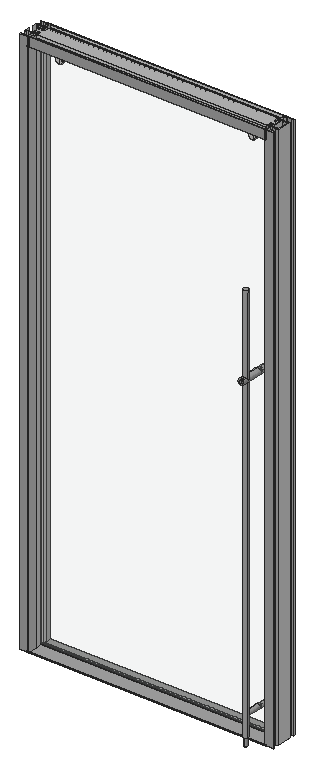
Revit family "Doors_Sliding_Avanti_Systems_Cloud-Eclipse-Sliding-Glass-Pocket-Doors_Solid-wall", category Doors, host Wall, Revit 2022 (continued)
Definition of nested family "Door Frame Left"
  Lines and regions (in)
    model lines, in view "Ref. Level"
      curve 42: arc (0.34212, 1.31851, 0) -> (0.21636, 1.30192, 0) -> (0.34204, 1.28468, 0) r 0.064
      curve 43: arc (0.19913, 1.20807, 0) -> (0.3162, 1.18305, 0) -> (0.39986, 1.26867, 0) r 0.124
      curve 44: arc (0.19913, 1.20807, 0) -> (0.18152, 1.21244, 0) -> (0.16762, 1.20079, 0) r 0.02
      curve 45: arc (0.40003, 1.33422, 0) -> (0.36005, 1.39676, 0) -> (0.2915, 1.42526, 0) r 0.124
      curve 46: arc (0.2749, 1.453, 0) -> (0.27614, 1.4349, 0) -> (0.2915, 1.42526, 0) r 0.02
      curve 47: arc (0.0016, 0.96375, 0) -> (0.0004, 0.95992, 0) -> (0, 0.95592, 0) r 0.02
      curve 48: arc (0.06, 0.56063, 0) -> (0.06413, 0.54846, 0) -> (0.07482, 0.54131, 0) r 0.02
      curve 49: arc (0.0616, 0.95152, 0) -> (0.0604, 0.94769, 0) -> (0.06, 0.94369, 0) r 0.02
      curve 50: arc (0.71754, -0.89988, 0) -> (0.7234, -0.91402, 0) -> (0.73754, -0.91988, 0) r 0.02
      curve 51: arc (1.73836, -1.86591, 0) -> (1.73422, -1.85373, 0) -> (1.72353, -1.84659, 0) r 0.02
      curve 52: arc (1.71836, -2, 0) -> (1.7325, -1.99414, 0) -> (1.73836, -1.98, 0) r 0.02
      curve 53: arc (0.65723, -1.92, 0) -> (0.66309, -1.93414, 0) -> (0.67723, -1.94, 0) r 0.02
      curve 54: arc (0.47686, -1.92783, 0) -> (0.48424, -1.93668, 0) -> (0.49527, -1.94, 0) r 0.02
      curve 55: arc (1.39529, -1.94, 0) -> (1.40747, -1.93587, 0) -> (1.41461, -1.92518, 0) r 0.02
      curve 56: arc (1.47427, -1.7798, 0) -> (1.4591, -1.7818, 0) -> (1.44978, -1.79394, 0) r 0.02
      curve 57: arc (1.44978, -1.12606, 0) -> (1.4591, -1.1382, 0) -> (1.47427, -1.1402, 0) r 0.02
      curve 58: arc (1.7216, -1.07393, 0) -> (1.73229, -1.06679, 0) -> (1.73642, -1.05461, 0) r 0.02
      curve 59: arc (1.44978, -1.12606, 0) -> (1.4591, -1.1382, 0) -> (1.47427, -1.1402, 0) r 0.02
      curve 60: arc (1.41989, -1.01452, 0) -> (1.40616, -0.99358, 0) -> (1.38266, -0.9849, 0) r 0.04
      curve 61: arc (1.38266, -0.9849, 0) -> (1.37459, -0.98629, 0) -> (1.36776, -0.9908, 0) r 0.02
      curve 62: arc (1.47502, -1.78, 0) -> (1.46253, -1.7807, 0) -> (1.45291, -1.78868, 0) r 0.02
      curve 63: arc (1.46422, -0.91988, 0) -> (1.49172, -0.94744, 0) -> (1.51921, -0.91988, 0) r 0.0275
      curve 64: arc (1.46422, -0.90826, 0) -> (1.46143, -0.89807, 0) -> (1.45384, -0.89073, 0) r 0.02
      curve 65: arc (0.57723, -1.94, 0) -> (0.59137, -1.93414, 0) -> (0.59723, -1.92, 0) r 0.02
      curve 66: arc (0.67723, -1.09301, 0) -> (0.66309, -1.09887, 0) -> (0.65723, -1.11301, 0) r 0.02
      curve 67: arc (0.50171, -0.95901, 0) -> (0.57892, -0.85835, 0) -> (0.47785, -0.93503, 0) r 0.064
      curve 68: arc (0.41533, -0.86604, 0) -> (0.41022, -0.91639, 0) -> (0.42565, -0.96459, 0) r 0.124
      curve 69: arc (0.47187, -1.01106, 0) -> (0.52041, -1.02679, 0) -> (0.57116, -1.02164, 0) r 0.124
      curve 70: arc (0.62308, -0.81771, 0) -> (0.57698, -0.78735, 0) -> (0.52227, -0.78, 0) r 0.124
      curve 71: arc (0.62308, -0.81771, 0) -> (0.64498, -0.82243, 0) -> (0.65753, -0.80387, 0) r 0.02
      curve 72: arc (0.59723, -1.0407, 0) -> (0.58904, -1.02455, 0) -> (0.57116, -1.02164, 0) r 0.02
      curve 73: arc (0.41533, -0.86604, 0) -> (0.4124, -0.84818, 0) -> (0.39627, -0.84, 0) r 0.02
      curve 74: arc (1.20758, -1.09301, 0) -> (1.22172, -1.08716, 0) -> (1.22758, -1.07301, 0) r 0.02
      curve 75: arc (1.22403, -0.93503, 0) -> (1.31125, -0.95918, 0) -> (1.3354, -0.87195, 0) r 0.064
      curve 76: arc (1.31154, -0.84796, 0) -> (1.23458, -0.85811, 0) -> (1.22403, -0.93503, 0) r 0.064
      curve 77: arc (1.25204, -1.02436, 0) -> (1.31425, -1.02258, 0) -> (1.36776, -0.9908, 0) r 0.124
      curve 78: arc (1.25204, -1.02436, 0) -> (1.23511, -1.02821, 0) -> (1.22758, -1.04386, 0) r 0.02
      curve 79: arc (1.34138, -0.79591, 0) -> (1.2189, -0.79542, 0) -> (1.15575, -0.90038, 0) r 0.124
      curve 80: arc (1.13576, -0.91988, 0) -> (1.14972, -0.91419, 0) -> (1.15575, -0.90038, 0) r 0.02
      curve 81: arc (0.34204, -1.28468, 0) -> (0.21636, -1.30192, 0) -> (0.34212, -1.31851, 0) r 0.064
      curve 82: arc (0.39986, -1.26867, 0) -> (0.3162, -1.18305, 0) -> (0.19913, -1.20807, 0) r 0.124
      curve 83: arc (0.16762, -1.20079, 0) -> (0.18152, -1.21244, 0) -> (0.19913, -1.20807, 0) r 0.02
      curve 84: arc (0.2915, -1.42526, 0) -> (0.36005, -1.39676, 0) -> (0.40003, -1.33422, 0) r 0.124
      curve 85: arc (0.2915, -1.42526, 0) -> (0.27614, -1.4349, 0) -> (0.2749, -1.453, 0) r 0.02
      curve 86: arc (0, -0.95592, 0) -> (0.0004, -0.95992, 0) -> (0.0016, -0.96375, 0) r 0.02
      curve 87: arc (0.06, -0.76, 0) -> (0.06586, -0.77414, 0) -> (0.08, -0.78, 0) r 0.02
      curve 88: arc (0.07482, -0.53864, 0) -> (0.06413, -0.54578, 0) -> (0.06, -0.55796, 0) r 0.02
      curve 89: arc (0.08, -0.84, 0) -> (0.06586, -0.84586, 0) -> (0.06, -0.86, 0) r 0.02
      curve 90: arc (0.06, -0.94369, 0) -> (0.0604, -0.94769, 0) -> (0.0616, -0.95152, 0) r 0.02
      curve 91: arc (1.65642, -0.91988, 0) -> (1.67056, -0.91402, 0) -> (1.67642, -0.89988, 0) r 0.02
      curve 92: arc (1.67642, 0.89988, 0) -> (1.67056, 0.91402, 0) -> (1.65642, 0.91988, 0) r 0.02
      curve 93: arc (0.73723, 0.91988, 0) -> (0.72309, 0.91402, 0) -> (0.71723, 0.89988, 0) r 0.02
      curve 94: arc (0.01483, -0.38499, 0) -> (0.00413, -0.39214, 0) -> (0, -0.40431, 0) r 0.02
      curve 95: arc (0.30652, -0.47655, 0) -> (0.31866, -0.46724, 0) -> (0.32066, -0.45206, 0) r 0.02
      curve 96: arc (0.31872, 0.45526, 0) -> (0.31673, 0.47043, 0) -> (0.30458, 0.47975, 0) r 0.02
      curve 97: line (0.73723, 0.91988, 0) -> (1.13576, 0.91988, 0)
      curve 98: line (1.65642, 0.91988, 0) -> (1.51921, 0.91988, 0)
      curve 99: line (1.51921, 0.91988, 0) -> (1.59966, 0.91988, 0)
      curve 100: line (1.3119, 1.94, 0) -> (1.37995, 1.94, 0)
      curve 101: line (1.73836, 1.86591, 0) -> (1.73836, 1.98, 0)
      curve 102: line (1.71836, 2, 0) -> (0.45559, 2, 0)
      curve 103: line (1.39529, 1.94, 0) -> (0.67723, 1.94, 0)
      curve 104: line (0.57723, 1.94, 0) -> (0.49527, 1.94, 0)
      curve 105: line (1.47427, 1.7798, 0) -> (1.571, 1.80572, 0)
      curve 106: line (1.56001, 1.84619, 0) -> (1.50205, 1.83066, 0)
      curve 107: line (1.50205, 1.83066, 0) -> (1.48601, 1.89055, 0)
      curve 108: line (1.48601, 1.89055, 0) -> (1.69851, 1.94749, 0)
      curve 109: line (1.69851, 1.94749, 0) -> (1.71456, 1.8876, 0)
      curve 110: line (1.71456, 1.8876, 0) -> (1.6566, 1.87207, 0)
      curve 111: line (1.6566, 1.87207, 0) -> (1.66746, 1.83156, 0)
      curve 112: line (1.66746, 1.83156, 0) -> (1.72353, 1.84659, 0)
      curve 113: line (1.41461, 1.92518, 0) -> (1.44978, 1.79394, 0)
      curve 114: line (1.47427, 1.1402, 0) -> (1.571, 1.11428, 0)
      curve 115: line (1.7216, 1.07393, 0) -> (1.66746, 1.08844, 0)
      curve 116: line (1.66746, 1.08844, 0) -> (1.6566, 1.04793, 0)
      curve 117: line (1.6566, 1.04793, 0) -> (1.71456, 1.0324, 0)
      curve 118: line (1.71456, 1.0324, 0) -> (1.69851, 0.97251, 0)
      curve 119: line (1.69851, 0.97251, 0) -> (1.48601, 1.02945, 0)
      curve 120: line (1.48601, 1.02945, 0) -> (1.50205, 1.08934, 0)
      curve 121: line (1.50205, 1.08934, 0) -> (1.56001, 1.07381, 0)
      curve 122: line (1.41989, 1.01452, 0) -> (1.44978, 1.12606, 0)
      curve 123: line (1.46422, 0.91988, 0) -> (1.46422, 0.90826, 0)
      curve 124: line (0.54481, 0.78, 0) -> (0.08, 0.78, 0)
      curve 125: line (0.39627, 0.84, 0) -> (0.08, 0.84, 0)
      curve 126: line (0.59723, 1.92, 0) -> (0.59723, 1.0407, 0)
      curve 127: line (0.65723, 1.92, 0) -> (0.65723, 1.31753, 0)
      curve 128: line (0.65723, 1.31753, 0) -> (0.64128, 1.30176, 0)
      curve 129: line (0.64128, 1.30176, 0) -> (0.65723, 1.28599, 0)
      curve 130: line (0.65723, 1.28599, 0) -> (0.65723, 1.11301, 0)
      curve 131: line (0.73714, 1.09301, 0) -> (0.73714, 1.05301, 0)
      curve 132: line (0.73714, 1.05301, 0) -> (0.65723, 1.04901, 0)
      curve 133: line (0.65723, 1.04901, 0) -> (0.65723, 0.98901, 0)
      curve 134: line (0.65723, 0.98901, 0) -> (1.16758, 0.98901, 0)
      curve 135: line (1.16758, 0.98901, 0) -> (1.16358, 1.05301, 0)
      curve 136: line (1.16358, 1.05301, 0) -> (1.08758, 1.05301, 0)
      curve 137: line (1.20758, 1.09301, 0) -> (1.08758, 1.09301, 0)
      curve 138: line (1.08758, 1.09301, 0) -> (1.08758, 1.05301, 0)
      curve 139: line (0.67723, 1.09301, 0) -> (0.73714, 1.09301, 0)
      curve 140: line (0.73714, 1.09301, 0) -> (0.67723, 1.09301, 0)
      curve 141: line (1.22758, 1.07301, 0) -> (1.22758, 1.04386, 0)
      curve 142: line (0.50171, 0.95901, 0) -> (0.47187, 1.01106, 0)
      curve 143: line (0.47785, 0.93503, 0) -> (0.42565, 0.96459, 0)
      curve 144: line (1.34138, 0.79591, 0) -> (1.31154, 0.84796, 0)
      curve 145: line (1.45384, 0.89073, 0) -> (1.38761, 0.84238, 0)
      curve 146: line (1.38761, 0.84238, 0) -> (1.3354, 0.87195, 0)
      curve 147: line (0.34212, 1.31851, 0) -> (0.40003, 1.33422, 0)
      curve 148: line (0.34204, 1.28468, 0) -> (0.39986, 1.26867, 0)
      curve 149: line (0, 0.42254, 0) -> (0, 0.95592, 0)
      curve 150: line (0.06, 0.56063, 0) -> (0.06, 0.76, 0)
      curve 151: line (0.06, 0.86, 0) -> (0.06, 0.94369, 0)
      curve 152: line (0.0016, 0.96375, 0) -> (0.43718, 1.98783, 0)
      curve 153: line (0.0616, 0.95152, 0) -> (0.16762, 1.20079, 0)
      curve 154: line (0.2749, 1.453, 0) -> (0.47686, 1.92783, 0)
      curve 155: line (0.73754, -0.91988, 0) -> (1.13576, -0.91988, 0)
      curve 156: line (1.65642, -0.91988, 0) -> (1.51921, -0.91988, 0)
      curve 157: line (1.51921, -0.91988, 0) -> (1.59966, -0.91988, 0)
      curve 158: line (1.73836, -1.86591, 0) -> (1.73836, -1.98, 0)
      curve 159: line (1.71836, -2, 0) -> (0.45559, -2, 0)
      curve 160: line (1.39529, -1.94, 0) -> (0.67723, -1.94, 0)
      curve 161: line (0.57723, -1.94, 0) -> (0.49527, -1.94, 0)
      curve 162: line (1.47427, -1.7798, 0) -> (1.571, -1.80572, 0)
      curve 163: line (1.571, -1.80572, 0) -> (1.56001, -1.84619, 0)
      curve 164: line (1.56001, -1.84619, 0) -> (1.50205, -1.83066, 0)
      curve 165: line (1.50205, -1.83066, 0) -> (1.48601, -1.89055, 0)
      curve 166: line (1.48601, -1.89055, 0) -> (1.69851, -1.94749, 0)
      curve 167: line (1.69851, -1.94749, 0) -> (1.71456, -1.8876, 0)
      curve 168: line (1.71456, -1.8876, 0) -> (1.6566, -1.87207, 0)
      curve 169: line (1.6566, -1.87207, 0) -> (1.66746, -1.83156, 0)
      curve 170: line (1.66746, -1.83156, 0) -> (1.72353, -1.84659, 0)
      curve 171: line (1.41461, -1.92518, 0) -> (1.44978, -1.79394, 0)
      curve 172: line (1.47427, -1.1402, 0) -> (1.571, -1.11428, 0)
      curve 173: line (1.7216, -1.07393, 0) -> (1.66746, -1.08844, 0)
      curve 174: line (1.66746, -1.08844, 0) -> (1.6566, -1.04793, 0)
      curve 175: line (1.6566, -1.04793, 0) -> (1.71456, -1.0324, 0)
      curve 176: line (1.71456, -1.0324, 0) -> (1.69851, -0.97251, 0)
      curve 177: line (1.69851, -0.97251, 0) -> (1.48601, -1.02945, 0)
      curve 178: line (1.48601, -1.02945, 0) -> (1.50205, -1.08934, 0)
      curve 179: line (1.50205, -1.08934, 0) -> (1.56001, -1.07381, 0)
      curve 180: line (1.56001, -1.07381, 0) -> (1.571, -1.11428, 0)
      curve 181: line (1.41989, -1.01452, 0) -> (1.44978, -1.12606, 0)
      curve 182: line (1.46422, -0.91988, 0) -> (1.46422, -0.90826, 0)
      curve 183: line (0.54481, -0.78, 0) -> (0.08, -0.78, 0)
      curve 184: line (0.39627, -0.84, 0) -> (0.08, -0.84, 0)
      curve 185: line (0.59723, -1.92, 0) -> (0.59723, -1.0407, 0)
      curve 186: line (0.65723, -1.92, 0) -> (0.65723, -1.31753, 0)
      curve 187: line (0.65723, -1.31753, 0) -> (0.64128, -1.30176, 0)
      curve 188: line (0.64128, -1.30176, 0) -> (0.65723, -1.28599, 0)
      curve 189: line (0.65723, -1.28599, 0) -> (0.65723, -1.11301, 0)
      curve 190: line (0.73714, -1.09301, 0) -> (0.73714, -1.05301, 0)
      curve 191: line (0.73714, -1.05301, 0) -> (0.65723, -1.04901, 0)
      curve 192: line (0.65723, -1.04901, 0) -> (0.65723, -0.98901, 0)
      curve 193: line (0.65723, -0.98901, 0) -> (1.16758, -0.98901, 0)
      curve 194: line (1.16758, -0.98901, 0) -> (1.16358, -1.05301, 0)
      curve 195: line (1.16358, -1.05301, 0) -> (1.08758, -1.05301, 0)
      curve 196: line (1.20758, -1.09301, 0) -> (1.08758, -1.09301, 0)
      curve 197: line (1.08758, -1.09301, 0) -> (1.08758, -1.05301, 0)
      curve 198: line (0.67723, -1.09301, 0) -> (0.73714, -1.09301, 0)
      curve 199: line (0.73714, -1.09301, 0) -> (0.67723, -1.09301, 0)
      curve 200: line (1.22758, -1.07301, 0) -> (1.22758, -1.04386, 0)
      curve 201: line (0.50171, -0.95901, 0) -> (0.47187, -1.01106, 0)
      curve 202: line (0.47785, -0.93503, 0) -> (0.42565, -0.96459, 0)
      curve 203: line (1.34138, -0.79591, 0) -> (1.31154, -0.84796, 0)
      curve 204: line (1.45384, -0.89073, 0) -> (1.38761, -0.84238, 0)
      curve 205: line (1.38761, -0.84238, 0) -> (1.3354, -0.87195, 0)
      curve 206: line (0.34212, -1.31851, 0) -> (0.40003, -1.33422, 0)
      curve 207: line (0.34204, -1.28468, 0) -> (0.39986, -1.26867, 0)
      curve 208: line (0, -0.42254, 0) -> (0, -0.95592, 0)
      curve 209: line (0.06, -0.55796, 0) -> (0.06, -0.76, 0)
      curve 210: line (0.06, -0.86, 0) -> (0.06, -0.94369, 0)
      curve 211: line (0.0016, -0.96375, 0) -> (0.43718, -1.98783, 0)
      curve 212: line (0.0616, -0.95152, 0) -> (0.16762, -1.20079, 0)
      curve 213: line (0.2749, -1.453, 0) -> (0.47686, -1.92783, 0)
      curve 214: line (1.67642, -0.36, 0) -> (1.67642, -0.5569, 0)
      curve 215: line (1.67642, -0.5569, 0) -> (1.67642, -0.34, 0)
      curve 216: line (1.67642, -0.34, 0) -> (1.73642, -0.34, 0)
      curve 217: line (1.73642, -0.34, 0) -> (1.73642, -0.93988, 0)
      curve 218: line (1.73642, -0.93988, 0) -> (1.73642, -1.05461, 0)
      curve 219: line (1.67642, 0.89988, 0) -> (1.67642, 0.6169, 0)
      curve 220: line (1.67642, 0.6169, 0) -> (1.61642, 0.6169, 0)
      curve 221: line (1.61642, 0.6169, 0) -> (1.61642, 0.5569, 0)
      curve 222: line (1.61642, 0.5569, 0) -> (1.67642, 0.5569, 0)
      curve 223: line (1.67642, 0.5569, 0) -> (1.67642, 0.34, 0)
      curve 224: line (1.67642, 0.34, 0) -> (1.73642, 0.34, 0)
      curve 225: line (1.73642, 0.34, 0) -> (1.73642, 0.93988, 0)
      curve 226: line (0.71723, 0.89988, 0) -> (0.71723, 0.34, 0)
      curve 227: line (0.71723, 0.34, 0) -> (0.65733, 0.34, 0)
      curve 228: line (0.65733, 0.34, 0) -> (0.65733, 0.80358, 0)
      curve 229: line (0.65753, -0.80387, 0) -> (0.65753, -0.34, 0)
      curve 230: line (0.65753, -0.34, 0) -> (0.71745, -0.34, 0)
      curve 231: line (0.71745, -0.34, 0) -> (0.71745, -0.89988, 0)
      curve 232: line (1.67642, -0.89988, 0) -> (1.67642, -0.6169, 0)
      curve 233: line (1.67642, -0.6169, 0) -> (1.61642, -0.6169, 0)
      curve 234: line (1.61642, -0.6169, 0) -> (1.61642, -0.5569, 0)
      curve 235: line (1.61642, -0.5569, 0) -> (1.67642, -0.5569, 0)
      curve 236: line (0, -0.40431, 0) -> (0, -0.5184, 0)
      curve 237: line (0.17835, -0.38459, 0) -> (0.2363, -0.36906, 0)
      curve 238: line (0.2363, -0.36906, 0) -> (0.25235, -0.42895, 0)
      curve 239: line (0.25235, -0.42895, 0) -> (0.03985, -0.48589, 0)
      curve 240: line (0.03985, -0.48589, 0) -> (0.0238, -0.426, 0)
      curve 241: line (0.0238, -0.426, 0) -> (0.08176, -0.41048, 0)
      curve 242: line (0.08176, -0.41048, 0) -> (0.0709, -0.36997, 0)
      curve 243: line (0.0709, -0.36997, 0) -> (0.01483, -0.38499, 0)
      curve 244: line (0.07482, -0.53864, 0) -> (0.30652, -0.47655, 0)
      curve 245: line (0.32066, -0.45206, 0) -> (0.29063, -0.34, 0)
      curve 246: line (0.29063, -0.34, 0) -> (0.18274, -0.34, 0)
      curve 247: line (0.18274, -0.34, 0) -> (0.16736, -0.34412, 0)
      curve 248: line (0.17641, 0.38779, 0) -> (0.23437, 0.37226, 0)
      curve 249: line (0.23437, 0.37226, 0) -> (0.25042, 0.43215, 0)
      curve 250: line (0.25042, 0.43215, 0) -> (0.03791, 0.48909, 0)
      curve 251: line (0.03791, 0.48909, 0) -> (0.02187, 0.4292, 0)
      curve 252: line (0.02187, 0.4292, 0) -> (0.08875, 0.41144, 0)
      curve 253: line (0.08875, 0.41144, 0) -> (0.0779, 0.37093, 0)
      curve 254: line (0.0779, 0.37093, 0) -> (0.01483, 0.38767, 0)
      curve 255: line (0.07482, 0.54131, 0) -> (0.30458, 0.47975, 0)
      curve 256: line (0.31872, 0.45526, 0) -> (0.28784, 0.34, 0)
      curve 257: line (0.28784, 0.34, 0) -> (0.19273, 0.34, 0)
      curve 258: line (0.19273, 0.34, 0) -> (0.16542, 0.34732, 0)
      curve 259: line (1.3119, -1.94, 0) -> (1.37995, -1.94, 0)
      curve 260: line (0.45559, 2, 0) -> (1.71836, 2, 0)
Definition of nested family "Door Frame Right"
  Reference planes (in)
    plane 1 "Center (Front/Back)": y = 0
    plane 2: z = 0
    plane 3 "Center (Left/Right)": x = 0
  Lines and regions (in)
    model lines, in view "Ref. Level"
      curve 1: arc (-1.7216, 1.07393, 0) -> (-1.73229, 1.06679, 0) -> (-1.73642, 1.05461, 0) r 0.02
      curve 2: line (-1.56001, 1.84619, 0) -> (-1.571, 1.80572, 0)
      curve 3: line (-1.56001, 1.07381, 0) -> (-1.571, 1.11428, 0)
      curve 4: line (-1.73642, 0.93988, 0) -> (-1.73642, 1.05461, 0)
      curve 5: line (-1.56001, -1.84619, 0) -> (-1.571, -1.80572, 0)
      curve 6: arc (-0.43718, 1.98783, 0) -> (-0.44455, 1.99668, 0) -> (-0.45559, 2, 0) r 0.02
      curve 7: arc (-1.73836, 1.86591, 0) -> (-1.73422, 1.85373, 0) -> (-1.72353, 1.84659, 0) r 0.02
      curve 8: arc (-1.71836, 2, 0) -> (-1.7325, 1.99414, 0) -> (-1.73836, 1.98, 0) r 0.02
      curve 9: arc (-0.65723, 1.92, 0) -> (-0.66309, 1.93414, 0) -> (-0.67723, 1.94, 0) r 0.02
      curve 10: arc (-0.47686, 1.92783, 0) -> (-0.48424, 1.93668, 0) -> (-0.49527, 1.94, 0) r 0.02
      curve 11: arc (-1.39529, 1.94, 0) -> (-1.40747, 1.93587, 0) -> (-1.41461, 1.92518, 0) r 0.02
      curve 12: arc (-1.47427, 1.7798, 0) -> (-1.4591, 1.7818, 0) -> (-1.44978, 1.79394, 0) r 0.02
      curve 13: arc (-1.44978, 1.12606, 0) -> (-1.4591, 1.1382, 0) -> (-1.47427, 1.1402, 0) r 0.02
      curve 14: arc (-1.44978, 1.12606, 0) -> (-1.4591, 1.1382, 0) -> (-1.47427, 1.1402, 0) r 0.02
      curve 15: arc (-1.41989, 1.01452, 0) -> (-1.40616, 0.99358, 0) -> (-1.38266, 0.9849, 0) r 0.04
      curve 16: arc (-1.38266, 0.9849, 0) -> (-1.37459, 0.98629, 0) -> (-1.36776, 0.9908, 0) r 0.02
      curve 17: arc (-1.47502, 1.78, 0) -> (-1.46253, 1.7807, 0) -> (-1.45291, 1.78868, 0) r 0.02
      curve 18: arc (-1.46422, 0.91988, 0) -> (-1.49172, 0.94744, 0) -> (-1.51921, 0.91988, 0) r 0.0275
      curve 19: arc (-1.46422, 0.90826, 0) -> (-1.46143, 0.89807, 0) -> (-1.45384, 0.89073, 0) r 0.02
      curve 20: arc (-0.06, 0.76, 0) -> (-0.06586, 0.77414, 0) -> (-0.08, 0.78, 0) r 0.02
      curve 21: arc (-0.08, 0.84, 0) -> (-0.06586, 0.84586, 0) -> (-0.06, 0.86, 0) r 0.02
      curve 22: arc (-0.57723, 1.94, 0) -> (-0.59137, 1.93414, 0) -> (-0.59723, 1.92, 0) r 0.02
      curve 23: arc (-0.67723, 1.09301, 0) -> (-0.66309, 1.09887, 0) -> (-0.65723, 1.11301, 0) r 0.02
      curve 24: arc (-0.50171, 0.95901, 0) -> (-0.57892, 0.85835, 0) -> (-0.47785, 0.93503, 0) r 0.064
      curve 25: arc (-0.41533, 0.86604, 0) -> (-0.41022, 0.91639, 0) -> (-0.42565, 0.96459, 0) r 0.124
      curve 26: arc (-0.47187, 1.01106, 0) -> (-0.52041, 1.02679, 0) -> (-0.57116, 1.02164, 0) r 0.124
      curve 27: arc (-0.62284, 0.81746, 0) -> (-0.57682, 0.78728, 0) -> (-0.52227, 0.78, 0) r 0.124
      curve 28: arc (-0.62284, 0.81746, 0) -> (-0.64473, 0.82213, 0) -> (-0.65725, 0.80358, 0) r 0.02
      curve 29: arc (-0.59723, 1.0407, 0) -> (-0.58904, 1.02455, 0) -> (-0.57116, 1.02164, 0) r 0.02
      curve 30: arc (-0.41533, 0.86604, 0) -> (-0.4124, 0.84818, 0) -> (-0.39627, 0.84, 0) r 0.02
      curve 31: arc (-1.16758, 0.98901, 0) -> (-1.16641, 0.98619, 0) -> (-1.16358, 0.98501, 0) r 0.004
      curve 32: arc (-1.16358, 1.05301, 0) -> (-1.16641, 1.05184, 0) -> (-1.16758, 1.04901, 0) r 0.004
      curve 33: arc (-1.20758, 1.09301, 0) -> (-1.22172, 1.08716, 0) -> (-1.22758, 1.07301, 0) r 0.02
      curve 34: arc (-1.22403, 0.93503, 0) -> (-1.31125, 0.95918, 0) -> (-1.3354, 0.87195, 0) r 0.064
      curve 35: arc (-1.31154, 0.84796, 0) -> (-1.23458, 0.85811, 0) -> (-1.22403, 0.93503, 0) r 0.064
      curve 36: arc (-1.25204, 1.02436, 0) -> (-1.31425, 1.02258, 0) -> (-1.36776, 0.9908, 0) r 0.124
      curve 37: arc (-1.25204, 1.02436, 0) -> (-1.23511, 1.02821, 0) -> (-1.22758, 1.04386, 0) r 0.02
      curve 38: arc (-1.34138, 0.79591, 0) -> (-1.2189, 0.79542, 0) -> (-1.15575, 0.90038, 0) r 0.124
      curve 39: arc (-1.13576, 0.91988, 0) -> (-1.14972, 0.91419, 0) -> (-1.15575, 0.90038, 0) r 0.02
      curve 40: arc (-0.34204, 1.28468, 0) -> (-0.21636, 1.30192, 0) -> (-0.34212, 1.31851, 0) r 0.064
      curve 41: arc (-0.39986, 1.26867, 0) -> (-0.3162, 1.18305, 0) -> (-0.19913, 1.20807, 0) r 0.124
      curve 42: arc (-0.16762, 1.20079, 0) -> (-0.18152, 1.21244, 0) -> (-0.19913, 1.20807, 0) r 0.02
      curve 43: arc (-0.2915, 1.42526, 0) -> (-0.36005, 1.39676, 0) -> (-0.40003, 1.33422, 0) r 0.124
      curve 44: arc (-0.2915, 1.42526, 0) -> (-0.27614, 1.4349, 0) -> (-0.2749, 1.453, 0) r 0.02
      curve 45: arc (0, 0.95592, 0) -> (-0.0004, 0.95992, 0) -> (-0.0016, 0.96375, 0) r 0.02
      curve 46: arc (-0.07482, 0.54131, 0) -> (-0.06413, 0.54846, 0) -> (-0.06, 0.56063, 0) r 0.02
      curve 47: arc (-0.06, 0.94369, 0) -> (-0.0604, 0.94769, 0) -> (-0.0616, 0.95152, 0) r 0.02
      curve 48: arc (-0.73754, -0.91988, 0) -> (-0.7234, -0.91402, 0) -> (-0.71754, -0.89988, 0) r 0.02
      curve 49: arc (-1.72353, -1.84659, 0) -> (-1.73422, -1.85373, 0) -> (-1.73836, -1.86591, 0) r 0.02
      curve 50: arc (-1.73836, -1.98, 0) -> (-1.7325, -1.99414, 0) -> (-1.71836, -2, 0) r 0.02
      curve 51: arc (-0.45559, -2, 0) -> (-0.44455, -1.99668, 0) -> (-0.43718, -1.98783, 0) r 0.02
      curve 52: arc (-0.67723, -1.94, 0) -> (-0.66309, -1.93414, 0) -> (-0.65723, -1.92, 0) r 0.02
      curve 53: arc (-0.49527, -1.94, 0) -> (-0.48424, -1.93668, 0) -> (-0.47686, -1.92783, 0) r 0.02
      curve 54: arc (-1.41461, -1.92518, 0) -> (-1.40747, -1.93587, 0) -> (-1.39529, -1.94, 0) r 0.02
      curve 55: arc (-1.44978, -1.79394, 0) -> (-1.4591, -1.7818, 0) -> (-1.47427, -1.7798, 0) r 0.02
      curve 56: arc (-1.47427, -1.1402, 0) -> (-1.4591, -1.1382, 0) -> (-1.44978, -1.12606, 0) r 0.02
      curve 57: arc (-1.73642, -1.05461, 0) -> (-1.73229, -1.06679, 0) -> (-1.7216, -1.07393, 0) r 0.02
      curve 58: arc (-1.47427, -1.1402, 0) -> (-1.4591, -1.1382, 0) -> (-1.44978, -1.12606, 0) r 0.02
      curve 59: arc (-1.38266, -0.9849, 0) -> (-1.40616, -0.99358, 0) -> (-1.41989, -1.01452, 0) r 0.04
      curve 60: arc (-1.36776, -0.9908, 0) -> (-1.37459, -0.98629, 0) -> (-1.38266, -0.9849, 0) r 0.02
      curve 61: arc (-1.45291, -1.78868, 0) -> (-1.46253, -1.7807, 0) -> (-1.47502, -1.78, 0) r 0.02
      curve 62: arc (-1.51921, -0.91988, 0) -> (-1.49172, -0.94744, 0) -> (-1.46422, -0.91988, 0) r 0.0275
      curve 63: arc (-1.45384, -0.89073, 0) -> (-1.46143, -0.89807, 0) -> (-1.46422, -0.90826, 0) r 0.02
      curve 64: arc (-0.59723, -1.92, 0) -> (-0.59137, -1.93414, 0) -> (-0.57723, -1.94, 0) r 0.02
      curve 65: arc (-0.65723, -1.11301, 0) -> (-0.66309, -1.09887, 0) -> (-0.67723, -1.09301, 0) r 0.02
      curve 66: arc (-0.47785, -0.93503, 0) -> (-0.57892, -0.85835, 0) -> (-0.50171, -0.95901, 0) r 0.064
      curve 67: arc (-0.42565, -0.96459, 0) -> (-0.41022, -0.91639, 0) -> (-0.41533, -0.86604, 0) r 0.124
      curve 68: arc (-0.57116, -1.02164, 0) -> (-0.52041, -1.02679, 0) -> (-0.47187, -1.01106, 0) r 0.124
      curve 69: arc (-0.54481, -0.78, 0) -> (-0.58736, -0.79177, 0) -> (-0.62308, -0.81771, 0) r 0.124
      curve 70: arc (-0.65725, -0.80055, 0) -> (-0.6465, -0.82174, 0) -> (-0.62308, -0.81771, 0) r 0.02
      curve 71: arc (-0.57116, -1.02164, 0) -> (-0.58904, -1.02455, 0) -> (-0.59723, -1.0407, 0) r 0.02
      curve 72: arc (-0.39627, -0.84, 0) -> (-0.4124, -0.84818, 0) -> (-0.41533, -0.86604, 0) r 0.02
      curve 73: arc (-1.22758, -1.07301, 0) -> (-1.22172, -1.08716, 0) -> (-1.20758, -1.09301, 0) r 0.02
      curve 74: arc (-1.3354, -0.87195, 0) -> (-1.31125, -0.95918, 0) -> (-1.22403, -0.93503, 0) r 0.064
      curve 75: arc (-1.22403, -0.93503, 0) -> (-1.23458, -0.85811, 0) -> (-1.31154, -0.84796, 0) r 0.064
      curve 76: arc (-1.36776, -0.9908, 0) -> (-1.31425, -1.02258, 0) -> (-1.25204, -1.02436, 0) r 0.124
      curve 77: arc (-1.22758, -1.04386, 0) -> (-1.23511, -1.02821, 0) -> (-1.25204, -1.02436, 0) r 0.02
      curve 78: arc (-1.15575, -0.90038, 0) -> (-1.2189, -0.79542, 0) -> (-1.34138, -0.79591, 0) r 0.124
      curve 79: arc (-1.15575, -0.90038, 0) -> (-1.14972, -0.91419, 0) -> (-1.13576, -0.91988, 0) r 0.02
      curve 80: arc (-0.34212, -1.31851, 0) -> (-0.21636, -1.30192, 0) -> (-0.34204, -1.28468, 0) r 0.064
      curve 81: arc (-0.19913, -1.20807, 0) -> (-0.3162, -1.18305, 0) -> (-0.39986, -1.26867, 0) r 0.124
      curve 82: arc (-0.19913, -1.20807, 0) -> (-0.18152, -1.21244, 0) -> (-0.16762, -1.20079, 0) r 0.02
      curve 83: arc (-0.40003, -1.33422, 0) -> (-0.36005, -1.39676, 0) -> (-0.2915, -1.42526, 0) r 0.124
      curve 84: arc (-0.2749, -1.453, 0) -> (-0.27614, -1.4349, 0) -> (-0.2915, -1.42526, 0) r 0.02
      curve 85: arc (-0.0016, -0.96375, 0) -> (-0.0004, -0.95992, 0) -> (0, -0.95592, 0) r 0.02
      curve 86: arc (-0.08, -0.78, 0) -> (-0.06586, -0.77414, 0) -> (-0.06, -0.76, 0) r 0.02
      curve 87: arc (-0.06, -0.55796, 0) -> (-0.06413, -0.54578, 0) -> (-0.07482, -0.53864, 0) r 0.02
      curve 88: arc (-0.06, -0.86, 0) -> (-0.06586, -0.84586, 0) -> (-0.08, -0.84, 0) r 0.02
      curve 89: arc (-0.0616, -0.95152, 0) -> (-0.0604, -0.94769, 0) -> (-0.06, -0.94369, 0) r 0.02
      curve 90: arc (-1.67642, -0.89988, 0) -> (-1.67056, -0.91402, 0) -> (-1.65642, -0.91988, 0) r 0.02
      curve 91: arc (-1.65642, 0.91988, 0) -> (-1.67056, 0.91402, 0) -> (-1.67642, 0.89988, 0) r 0.02
      curve 92: arc (-0.71723, 0.89988, 0) -> (-0.72309, 0.91402, 0) -> (-0.73723, 0.91988, 0) r 0.02
      curve 93: arc (0, -0.40431, 0) -> (-0.00413, -0.39214, 0) -> (-0.01483, -0.38499, 0) r 0.02
      curve 94: arc (-0.32066, -0.45206, 0) -> (-0.31866, -0.46724, 0) -> (-0.30652, -0.47655, 0) r 0.02
      curve 95: arc (-0.26409, -0.3182, 0) -> (-0.27926, -0.3202, 0) -> (-0.28858, -0.33234, 0) r 0.02
      curve 96: arc (-0.28665, 0.33554, 0) -> (-0.27733, 0.3234, 0) -> (-0.26215, 0.3214, 0) r 0.02
      curve 97: arc (-0.01483, 0.38767, 0) -> (-0.00414, 0.39481, 0) -> (0, 0.40699, 0) r 0.02
      curve 98: arc (-0.30458, 0.47975, 0) -> (-0.31673, 0.47043, 0) -> (-0.31872, 0.45526, 0) r 0.02
      curve 99: arc (-0.28665, 0.33554, 0) -> (-0.27733, 0.3234, 0) -> (-0.26215, 0.3214, 0) r 0.02
      curve 100: line (-0.73723, 0.91988, 0) -> (-1.13576, 0.91988, 0)
      curve 101: line (-1.65642, 0.91988, 0) -> (-1.51921, 0.91988, 0)
      curve 102: line (-1.51921, 0.91988, 0) -> (-1.59966, 0.91988, 0)
      curve 103: line (-1.3119, 1.94, 0) -> (-1.37995, 1.94, 0)
      curve 104: line (-1.73836, 1.86591, 0) -> (-1.73836, 1.98, 0)
      curve 105: line (-1.71836, 2, 0) -> (-0.45559, 2, 0)
      curve 106: line (-1.39529, 1.94, 0) -> (-0.67723, 1.94, 0)
      curve 107: line (-0.57723, 1.94, 0) -> (-0.49527, 1.94, 0)
      curve 108: line (-1.47427, 1.7798, 0) -> (-1.571, 1.80572, 0)
      curve 109: line (-1.56001, 1.84619, 0) -> (-1.50205, 1.83066, 0)
      curve 110: line (-1.50205, 1.83066, 0) -> (-1.48601, 1.89055, 0)
      curve 111: line (-1.48601, 1.89055, 0) -> (-1.69851, 1.94749, 0)
      curve 112: line (-1.69851, 1.94749, 0) -> (-1.71456, 1.8876, 0)
      curve 113: line (-1.71456, 1.8876, 0) -> (-1.6566, 1.87207, 0)
      curve 114: line (-1.6566, 1.87207, 0) -> (-1.66746, 1.83156, 0)
      curve 115: line (-1.66746, 1.83156, 0) -> (-1.72353, 1.84659, 0)
      curve 116: line (-1.41461, 1.92518, 0) -> (-1.44978, 1.79394, 0)
      curve 117: line (-1.47427, 1.1402, 0) -> (-1.571, 1.11428, 0)
      curve 118: line (-1.7216, 1.07393, 0) -> (-1.66746, 1.08844, 0)
      curve 119: line (-1.66746, 1.08844, 0) -> (-1.6566, 1.04793, 0)
      curve 120: line (-1.6566, 1.04793, 0) -> (-1.71456, 1.0324, 0)
      curve 121: line (-1.71456, 1.0324, 0) -> (-1.69851, 0.97251, 0)
      curve 122: line (-1.69851, 0.97251, 0) -> (-1.48601, 1.02945, 0)
      curve 123: line (-1.48601, 1.02945, 0) -> (-1.50205, 1.08934, 0)
      curve 124: line (-1.50205, 1.08934, 0) -> (-1.56001, 1.07381, 0)
      curve 125: line (-1.41989, 1.01452, 0) -> (-1.44978, 1.12606, 0)
      curve 126: line (-1.46422, 0.91988, 0) -> (-1.46422, 0.90826, 0)
      curve 127: line (-0.54481, 0.78, 0) -> (-0.08, 0.78, 0)
      curve 128: line (-0.39627, 0.84, 0) -> (-0.08, 0.84, 0)
      curve 129: line (-0.59723, 1.92, 0) -> (-0.59723, 1.0407, 0)
      curve 130: line (-0.65723, 1.92, 0) -> (-0.65723, 1.31753, 0)
      curve 131: line (-0.65723, 1.31753, 0) -> (-0.64128, 1.30176, 0)
      curve 132: line (-0.64128, 1.30176, 0) -> (-0.65723, 1.28599, 0)
      curve 133: line (-0.65723, 1.28599, 0) -> (-0.65723, 1.11301, 0)
      curve 134: line (-0.73714, 1.09301, 0) -> (-0.73714, 1.05301, 0)
      curve 135: line (-0.73714, 1.05301, 0) -> (-0.65723, 1.04901, 0)
      curve 136: line (-0.65723, 1.04901, 0) -> (-0.65723, 0.98901, 0)
      curve 137: line (-0.65723, 0.98901, 0) -> (-1.16758, 0.98901, 0)
      curve 138: line (-1.16758, 0.98901, 0) -> (-1.16358, 1.05301, 0)
      curve 139: line (-1.16358, 1.05301, 0) -> (-1.08758, 1.05301, 0)
      curve 140: line (-1.20758, 1.09301, 0) -> (-1.08758, 1.09301, 0)
      curve 141: line (-1.08758, 1.09301, 0) -> (-1.08758, 1.05301, 0)
      curve 142: line (-0.67723, 1.09301, 0) -> (-0.73714, 1.09301, 0)
      curve 143: line (-0.73714, 1.09301, 0) -> (-0.67723, 1.09301, 0)
      curve 144: line (-1.22758, 1.07301, 0) -> (-1.22758, 1.04386, 0)
      curve 145: line (-0.50171, 0.95901, 0) -> (-0.47187, 1.01106, 0)
      curve 146: line (-0.47785, 0.93503, 0) -> (-0.42565, 0.96459, 0)
      curve 147: line (-1.34138, 0.79591, 0) -> (-1.31154, 0.84796, 0)
      curve 148: line (-1.45384, 0.89073, 0) -> (-1.38761, 0.84238, 0)
      curve 149: line (-1.38761, 0.84238, 0) -> (-1.3354, 0.87195, 0)
      curve 150: line (-0.34212, 1.31851, 0) -> (-0.40003, 1.33422, 0)
      curve 151: line (-0.34204, 1.28468, 0) -> (-0.39986, 1.26867, 0)
      curve 152: line (0, 0.42254, 0) -> (0, 0.95592, 0)
      curve 153: line (-0.06, 0.56063, 0) -> (-0.06, 0.76, 0)
      curve 154: line (-0.06, 0.86, 0) -> (-0.06, 0.94369, 0)
      curve 155: line (-0.0016, 0.96375, 0) -> (-0.43718, 1.98783, 0)
      curve 156: line (-0.0616, 0.95152, 0) -> (-0.16762, 1.20079, 0)
      curve 157: line (-0.2749, 1.453, 0) -> (-0.47686, 1.92783, 0)
      curve 158: line (-0.73754, -0.91988, 0) -> (-1.13576, -0.91988, 0)
      curve 159: line (-1.65642, -0.91988, 0) -> (-1.51921, -0.91988, 0)
      curve 160: line (-1.51921, -0.91988, 0) -> (-1.59966, -0.91988, 0)
      curve 161: line (-1.3119, -1.94, 0) -> (-1.37995, -1.94, 0)
      curve 162: line (-1.73836, -1.86591, 0) -> (-1.73836, -1.98, 0)
      curve 163: line (-1.71836, -2, 0) -> (-0.45559, -2, 0)
      curve 164: line (-1.39529, -1.94, 0) -> (-0.67723, -1.94, 0)
      curve 165: line (-0.57723, -1.94, 0) -> (-0.49527, -1.94, 0)
      curve 166: line (-1.47427, -1.7798, 0) -> (-1.571, -1.80572, 0)
      curve 167: line (-1.56001, -1.84619, 0) -> (-1.50205, -1.83066, 0)
      curve 168: line (-1.50205, -1.83066, 0) -> (-1.48601, -1.89055, 0)
      curve 169: line (-1.48601, -1.89055, 0) -> (-1.69851, -1.94749, 0)
      curve 170: line (-1.69851, -1.94749, 0) -> (-1.71456, -1.8876, 0)
      curve 171: line (-1.71456, -1.8876, 0) -> (-1.6566, -1.87207, 0)
      curve 172: line (-1.6566, -1.87207, 0) -> (-1.66746, -1.83156, 0)
      curve 173: line (-1.66746, -1.83156, 0) -> (-1.72353, -1.84659, 0)
      curve 174: line (-1.41461, -1.92518, 0) -> (-1.44978, -1.79394, 0)
      curve 175: line (-1.47427, -1.1402, 0) -> (-1.571, -1.11428, 0)
      curve 176: line (-1.7216, -1.07393, 0) -> (-1.66746, -1.08844, 0)
      curve 177: line (-1.66746, -1.08844, 0) -> (-1.6566, -1.04793, 0)
      curve 178: line (-1.6566, -1.04793, 0) -> (-1.71456, -1.0324, 0)
      curve 179: line (-1.71456, -1.0324, 0) -> (-1.69851, -0.97251, 0)
      curve 180: line (-1.69851, -0.97251, 0) -> (-1.48601, -1.02945, 0)
      curve 181: line (-1.48601, -1.02945, 0) -> (-1.50205, -1.08934, 0)
      curve 182: line (-1.50205, -1.08934, 0) -> (-1.56001, -1.07381, 0)
      curve 183: line (-1.56001, -1.07381, 0) -> (-1.571, -1.11428, 0)
      curve 184: line (-1.41989, -1.01452, 0) -> (-1.44978, -1.12606, 0)
      curve 185: line (-1.73642, 0.93988, 0) -> (-1.73642, -0.93988, 0)
      curve 186: line (-1.73642, -0.93988, 0) -> (-1.73642, -1.05461, 0)
      curve 187: line (-1.46422, -0.91988, 0) -> (-1.46422, -0.90826, 0)
      curve 188: line (-0.54481, -0.78, 0) -> (-0.08, -0.78, 0)
      curve 189: line (-0.39627, -0.84, 0) -> (-0.08, -0.84, 0)
      curve 190: line (-0.59723, -1.92, 0) -> (-0.59723, -1.0407, 0)
      curve 191: line (-0.65723, -1.92, 0) -> (-0.65723, -1.31753, 0)
      curve 192: line (-0.65723, -1.31753, 0) -> (-0.64128, -1.30176, 0)
      curve 193: line (-0.64128, -1.30176, 0) -> (-0.65723, -1.28599, 0)
      curve 194: line (-0.65723, -1.28599, 0) -> (-0.65723, -1.11301, 0)
      curve 195: line (-0.73714, -1.09301, 0) -> (-0.73714, -1.05301, 0)
      curve 196: line (-0.73714, -1.05301, 0) -> (-0.65723, -1.04901, 0)
      curve 197: line (-0.65723, -1.04901, 0) -> (-0.65723, -0.98901, 0)
      curve 198: line (-0.65723, -0.98901, 0) -> (-1.16758, -0.98901, 0)
      curve 199: line (-1.16758, -0.98901, 0) -> (-1.16358, -1.05301, 0)
      curve 200: line (-1.16358, -1.05301, 0) -> (-1.08758, -1.05301, 0)
      curve 201: line (-1.20758, -1.09301, 0) -> (-1.08758, -1.09301, 0)
      curve 202: line (-1.08758, -1.09301, 0) -> (-1.08758, -1.05301, 0)
      curve 203: line (-0.67723, -1.09301, 0) -> (-0.73714, -1.09301, 0)
      curve 204: line (-0.73714, -1.09301, 0) -> (-0.67723, -1.09301, 0)
      curve 205: line (-1.22758, -1.07301, 0) -> (-1.22758, -1.04386, 0)
      curve 206: line (-0.50171, -0.95901, 0) -> (-0.47187, -1.01106, 0)
      curve 207: line (-0.47785, -0.93503, 0) -> (-0.42565, -0.96459, 0)
      curve 208: line (-1.34138, -0.79591, 0) -> (-1.31154, -0.84796, 0)
      curve 209: line (-1.45384, -0.89073, 0) -> (-1.38761, -0.84238, 0)
      curve 210: line (-1.38761, -0.84238, 0) -> (-1.3354, -0.87195, 0)
      curve 211: line (-0.34212, -1.31851, 0) -> (-0.40003, -1.33422, 0)
      curve 212: line (-0.34204, -1.28468, 0) -> (-0.39986, -1.26867, 0)
      curve 213: line (0, -0.42254, 0) -> (0, -0.95592, 0)
      curve 214: line (-0.06, -0.55796, 0) -> (-0.06, -0.76, 0)
      curve 215: line (-0.06, -0.86, 0) -> (-0.06, -0.94369, 0)
      curve 216: line (-0.0016, -0.96375, 0) -> (-0.43718, -1.98783, 0)
      curve 217: line (-0.0616, -0.95152, 0) -> (-0.16762, -1.20079, 0)
      curve 218: line (-0.2749, -1.453, 0) -> (-0.47686, -1.92783, 0)
      curve 219: line (-1.67642, 0.89988, 0) -> (-1.67642, 0.6169, 0)
      curve 220: line (-1.67642, 0.6169, 0) -> (-1.61642, 0.6169, 0)
      curve 221: line (-1.61642, 0.6169, 0) -> (-1.61642, 0.5569, 0)
      curve 222: line (-1.61642, 0.5569, 0) -> (-1.67642, 0.5569, 0)
      curve 223: line (-1.67642, 0.5569, 0) -> (-1.67642, 0.2169, 0)
      curve 224: line (-1.67642, 0.2169, 0) -> (-1.61642, 0.2169, 0)
      curve 225: line (-1.61642, 0.2169, 0) -> (-1.61642, 0.1569, 0)
      curve 226: line (-1.61642, 0.1569, 0) -> (-1.67642, 0.1569, 0)
      curve 227: line (-1.67642, 0.1569, 0) -> (-1.67642, -0.1569, 0)
      curve 228: line (-1.67642, -0.1569, 0) -> (-1.61642, -0.1569, 0)
      curve 229: line (-0.65725, 0.80358, 0) -> (-0.65725, -0.80055, 0)
      curve 230: line (-0.71723, 0.89988, 0) -> (-0.71723, -0.89988, 0)
      curve 231: line (-1.67642, -0.89988, 0) -> (-1.67642, -0.6169, 0)
      curve 232: line (-1.67642, -0.6169, 0) -> (-1.61642, -0.6169, 0)
      curve 233: line (-1.61642, -0.6169, 0) -> (-1.61642, -0.5569, 0)
      curve 234: line (-1.61642, -0.5569, 0) -> (-1.67642, -0.5569, 0)
      curve 235: line (-1.67642, -0.2169, 0) -> (-1.67642, -0.5569, 0)
      curve 236: line (-1.67642, -0.5569, 0) -> (-1.67642, -0.2169, 0)
      curve 237: line (-1.67642, -0.2169, 0) -> (-1.61642, -0.2169, 0)
      curve 238: line (-1.61642, -0.2169, 0) -> (-1.61642, -0.1569, 0)
      curve 239: line (0, -0.40431, 0) -> (0, -0.5184, 0)
      curve 240: line (-0.26409, -0.3182, 0) -> (-0.16736, -0.34412, 0)
      curve 241: line (-0.16736, -0.34412, 0) -> (-0.17835, -0.38459, 0)
      curve 242: line (-0.17835, -0.38459, 0) -> (-0.2363, -0.36906, 0)
      curve 243: line (-0.2363, -0.36906, 0) -> (-0.25235, -0.42895, 0)
      curve 244: line (-0.25235, -0.42895, 0) -> (-0.03985, -0.48589, 0)
      curve 245: line (-0.03985, -0.48589, 0) -> (-0.0238, -0.426, 0)
      curve 246: line (-0.0238, -0.426, 0) -> (-0.08176, -0.41048, 0)
      curve 247: line (-0.08176, -0.41048, 0) -> (-0.0709, -0.36997, 0)
      curve 248: line (-0.0709, -0.36997, 0) -> (-0.01483, -0.38499, 0)
      curve 249: line (-0.07482, -0.53864, 0) -> (-0.30652, -0.47655, 0)
      curve 250: line (-0.32066, -0.45206, 0) -> (-0.28858, -0.33234, 0)
      curve 251: line (-0.26215, 0.3214, 0) -> (-0.16542, 0.34732, 0)
      curve 252: line (-0.16542, 0.34732, 0) -> (-0.17641, 0.38779, 0)
      curve 253: line (-0.17641, 0.38779, 0) -> (-0.23437, 0.37226, 0)
      curve 254: line (-0.23437, 0.37226, 0) -> (-0.25042, 0.43215, 0)
      curve 255: line (-0.25042, 0.43215, 0) -> (-0.03791, 0.48909, 0)
      curve 256: line (-0.03791, 0.48909, 0) -> (-0.02187, 0.4292, 0)
      curve 257: line (-0.02187, 0.4292, 0) -> (-0.08875, 0.41144, 0)
      curve 258: line (-0.08875, 0.41144, 0) -> (-0.0779, 0.37093, 0)
      curve 259: line (-0.0779, 0.37093, 0) -> (-0.01483, 0.38767, 0)
      curve 260: line (-0.07482, 0.54131, 0) -> (-0.30458, 0.47975, 0)
      curve 261: line (-0.31872, 0.45526, 0) -> (-0.28665, 0.33554, 0)
      curve 262: line (0, 0.52172, 0) -> (0, 0.40699, 0)
Definition of nested family "Drop Down Bottom Door Seal"
  Reference planes (in)
    plane 1 "Center (Front/Back)": y = 0
    plane 2: z = 0
    plane 3 "Center (Left/Right)": x = 0
  Lines and regions (in)
    model lines, in view "Ref. Level"
      curve 1: arc (-0.35067, 0.18, 0) -> (-0.33896, 0.15172, 0) -> (-0.31067, 0.14, 0) r 0.04
      curve 2: arc (-0.39067, 0.18, 0) -> (-0.36724, 0.12343, 0) -> (-0.31067, 0.1, 0) r 0.08
      curve 3: arc (0.29406, 0.1, 0) -> (0.32235, 0.11172, 0) -> (0.33406, 0.14, 0) r 0.04
      curve 4: arc (0.29406, 0.06, 0) -> (0.35063, 0.08343, 0) -> (0.37406, 0.14, 0) r 0.08
      curve 5: arc (0.42539, 0.52485, 0) -> (0.39011, 0.51852, 0) -> (0.37406, 0.48648, 0) r 0.04
      curve 6: arc (0.43723, 0.56306, 0) -> (0.36638, 0.55073, 0) -> (0.33406, 0.48648, 0) r 0.08
      curve 7: arc (-0.39067, 0.48633, 0) -> (-0.40677, 0.5184, 0) -> (-0.44211, 0.52466, 0) r 0.04
      curve 8: arc (-0.35067, 0.48633, 0) -> (-0.38309, 0.55064, 0) -> (-0.45406, 0.56283, 0) r 0.08
      curve 9: line (-0.35067, 0.48633, 0) -> (-0.35067, 0.18, 0)
      curve 10: line (-0.39067, 0.48633, 0) -> (-0.39067, 0.18, 0)
      curve 11: line (0.33406, 0.48648, 0) -> (0.33406, 0.14, 0)
      curve 12: line (0.37406, 0.48648, 0) -> (0.37406, 0.14, 0)
      curve 13: line (-1.8, 0, 0) -> (-1.8, 0.06, 0)
      curve 14: line (-1.8, 0.06, 0) -> (1.8, 0.06, 0)
      curve 15: line (1.8, 0.06, 0) -> (1.8, 0, 0)
      curve 16: line (-0.31067, 0.14, 0) -> (0.29406, 0.14, 0)
      curve 17: line (0.29406, 0.14, 0) -> (0.29406, 0.1, 0)
      curve 18: line (0.29406, 0.1, 0) -> (-0.31067, 0.1, 0)
      curve 19: line (-0.31067, 0.1, 0) -> (-0.31067, 0.06, 0)
      curve 20: line (-0.31067, 0.06, 0) -> (0.29406, 0.06, 0)
      curve 21: line (-0.45406, 0.56283, 0) -> (-2, 0.06205, 0)
      curve 22: line (-2, 0.06205, 0) -> (-1.98637, 0.02442, 0)
      curve 23: line (-1.98637, 0.02442, 0) -> (-0.44211, 0.52466, 0)
      curve 24: line (0.43723, 0.56306, 0) -> (2, 0.06201, 0)
      curve 25: line (2, 0.06201, 0) -> (1.98839, 0.02372, 0)
      curve 26: line (1.98839, 0.02372, 0) -> (0.42539, 0.52485, 0)
      curve 27: line (-0.39067, 0.48633, 0) -> (-0.39067, 0.18, 0)
      curve 28: line (-1.8, 0, 0) -> (1.8, 0, 0)
Definition of nested family "Arrow"
  Reference planes (in)
    plane 1 "Center (Front/Back)": y = 0
    plane 2: z = 0
    plane 3 "Center (Left/Right)": x = 0
  Lines and regions (in)
    detail lines, in view "Ref. Level"
      curve 1: line (-2.57725, 1.35976, 0) -> (-3.93701, 0, 0)
      curve 2: line (-3.93701, 0, 0) -> (3.93701, 0, 0)
      curve 3: line (-2.57725, -1.35976, 0) -> (-3.93701, 0, 0)
